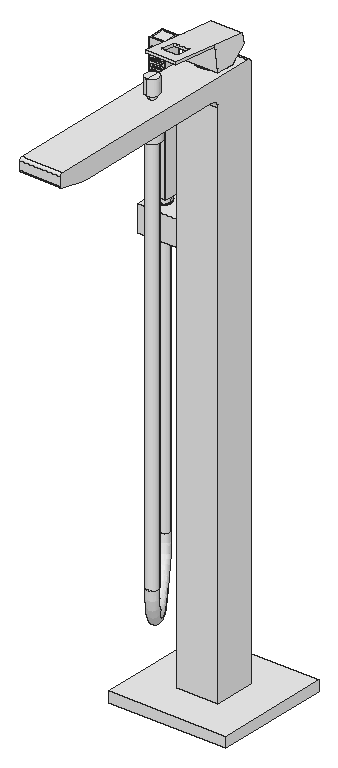
Revit family "Bath_Mixer-GROHE-Eurocube-23672000", category Plumbing Fixtures, Revit 2014
Parameters (values of type "23672000")
  Width = 6 177/256"  # constant formula
  Waste Connection = no
  Warranty Information = "Limited Lifetime Warranty"
  WFU = 4
  Vent Connection = no
  URL = "https://www.grohe.us/"
  Tempered Water Connection Diameter = 1/2"
  Shipping Weight = 25.01 lbf
  Product Page URL = "https://www.grohe.us/en_us/grohe-eurocube-single-lever-bath-mixer-1-2-floor-mounted-23672000.html"
  Price = "Prices may vary. Please consult Manufacturer Representative for most up-to-date price list."  # constant formula
  Model = "23672000"
  Material = "Metal-Grohe-000-Chrome"
  Manufacturer = "GROHE"
  Length = 11 187/256"
  Installation Type = "Floor Mounted"
  Hot Water Connection Diameter = 1/2"
  Height = 34 175/256"
  HWFU = 3
  HW Connection = yes
  Flow Rate = "2.5 gpm (9.5 L/min)"
  Finish = Metal-Grohe-000-Chrome
  Description = "Eurocube Single-lever bath mixer 1/2\", floor mounted"
  Default Elevation = 0"
  Creation Date = "07/26/2017"  # constant formula
  Cold Water Connection Diameter = 1/2"
  CWFU = 3
  CW Connection = yes
  Assembly Code = "D2020300"
Reference planes (in)
  plane 1 "Center (Front/Back)": y = 0
  plane 2: z = 0
  plane 3 "Center (Left/Right)": x = 0
  plane 4: z = 33.9375
  plane 5: z = 39.25
  plane 6: x = -3.34646
  plane 7: x = 3.34646
  plane 8: y = -3.34646
  plane 9: y = 3.34646
  plane 10: z = 0.59055
  plane 11: x = -1.17187
  plane 12: x = 1.17188
  plane 13: x = -1.04904
  plane 14: x = 1.04904
Forms (in)
  Extrusion 1, solid, material "Metal-Grohe-000-Chrome" <- "Finish"
    sketch origin (0, 0, 0) x (1, 0, 0) y (0, 1, 0)
      loop
        line (-3.34646, 3.34646) -> (-3.34646, -3.34646) -> (3.34646, -3.34646) -> (3.34646, 3.34646) -> (-3.34646, 3.34646)
    from 0 to 0.59055
  Extrusion 2, solid, material "Metal-Grohe-000-Chrome" <- "Finish"
    sketch origin (0, 0, 0) x (0, 1, 0) y (0, 0, 1)
      loop
        line (0.96715, 32.88154) -> (-12.32413, 32.88154)
        arc (-12.32413, 32.88154) -> (-12.42459, 32.83993) -> (-12.4662, 32.73948) r 0.14206
        line (-12.4662, 32.73948) -> (-12.4662, 32.23184)
        arc (-12.4662, 32.23184) -> (-12.43859, 32.15389) -> (-12.36809, 32.11069) r 0.12386
        line (-12.36809, 32.11069) -> (-10.99784, 31.81943)
        arc (-10.99784, 31.81943) -> (-10.75307, 31.78067) -> (-10.5056, 31.7677) r 2.36757
        line (-10.5056, 31.7677) -> (-1.59831, 31.7677)
        arc (-1.59831, 31.7677) -> (-1.29894, 31.64369) -> (-1.17494, 31.34432) r 0.42337
        line (-1.17494, 31.34432) -> (-1.17494, 0.34055) -> (1.17494, 0.34055) -> (1.17494, 32.67376)
        arc (1.17494, 32.67376) -> (1.11408, 32.82068) -> (0.96715, 32.88154) r 0.20778
    from -1.17188 to 1.17188
  Extrusion 3, solid, material "Metal-Grohe-000-Chrome" <- "Finish"
    sketch origin (0, 0, 0) x (1, 0, 0) y (0, 1, 0)
      loop
        line (0, -0.94048) -> (0, 1.03258) -> (-3.61753, 1.03258) -> (-3.61753, 0.30006) -> (-3.28756, 0.30006)
        arc (-3.28756, 0.30006) -> (-2.41856, 0) -> (-3.28756, -0.30006) r 0.4863
        line (-3.28756, -0.30006) -> (-3.61753, -0.30006) -> (-3.61753, -0.94048) -> (0, -0.94048)
    from 23.11731 to 24.59756
  Revolve 4, solid, material "Metal-Grohe-000-Chrome" <- "Finish"
    sketch origin (0, 0, 0) x (0, 1, 0) y (0, 0, 1)
      loop
        line (-4.42623, 33.99146) -> (-4.80123, 33.99146) -> (-4.80123, 33.13967) -> (-4.61, 33.13967) -> (-4.61, 32.13967) -> (-4.95753, 32.13967) -> (-4.95753, 30.76148) -> (-4.42623, 30.76148) -> (-4.42623, 33.99146)
      axis (-4.42623, 30.76148) -> (-4.42623, 33.99146)
    angle from 0 to 360
  Extrusion 5, solid, material "Metal-Grohe-000-Chrome" <- "Finish"
    sketch origin (-2.87402, 0, 24.59756) x (1, 0, 0) y (0, 1, 0)
      loop
        line (0.45239, 0.47243) -> (-0.45239, 0.47243)
        arc (-0.45239, 0.47243) -> (-0.46657, 0.46656) -> (-0.47244, 0.45239) r 0.02004
        line (-0.47244, 0.45239) -> (-0.47244, -0.45239)
        arc (-0.47244, -0.45239) -> (-0.46657, -0.46656) -> (-0.45239, -0.47243) r 0.02004
        line (-0.45239, -0.47243) -> (0.45239, -0.47244)
        arc (0.45239, -0.47244) -> (0.46657, -0.46656) -> (0.47244, -0.45239) r 0.02004
        line (0.47244, -0.45239) -> (0.47244, 0.45239)
        arc (0.47244, 0.45239) -> (0.46657, 0.46656) -> (0.45239, 0.47243) r 0.02004
    from 0.39371 to 8.50391
  Revolve 6, solid, material "Metal-Grohe-000-Chrome" <- "Finish"
    sketch origin (-2.87402, 0, 24.59756) x (1, 0, 0) y (0, 0, 1)
      loop
        line (-0.4125, 0.31496) -> (-0.4125, 0.09754) -> (-0.3622, 0.04724) -> (-0.3622, 0) -> (0, 0) -> (0, 0.48079) -> (-0.30511, 0.48079)
        arc (-0.30511, 0.48079) -> (-0.32099, 0.39351) -> (-0.3622, 0.31496) r 0.2937
        line (-0.3622, 0.31496) -> (-0.4125, 0.31496)
      axis (0, 0.48079) -> (0, 0)
    angle from 0 to 360
  Extrusion 7, solid, material "Metal-Grohe-000-Chrome" <- "Finish"
    sketch origin (-2.87402, 0, 24.59756) x (1, 0, 0) y (0, 0, 1)
      loop
        circle (-0.26772, 8.02166) r 0.06317
      loop
        circle (-0.08858, 8.02166) r 0.06317
      loop
        circle (-0.26772, 7.72639) r 0.06317
      loop
        circle (-0.08858, 7.72639) r 0.06317
      loop
        circle (-0.26772, 7.4311) r 0.06317
      loop
        circle (-0.08858, 7.4311) r 0.06317
      loop
        circle (-0.26772, 7.13584) r 0.06317
      loop
        circle (-0.08858, 7.13584) r 0.06317
      loop
        circle (-0.26772, 6.84056) r 0.06317
      loop
        circle (-0.08858, 6.84056) r 0.06317
      loop
        circle (-0.26772, 6.54529) r 0.06317
      loop
        circle (-0.08858, 6.54529) r 0.06317
      loop
        circle (-0.26772, 6.25) r 0.06317
      loop
        circle (-0.08858, 6.25) r 0.06317
      loop
        circle (-0.26772, 5.95472) r 0.06317
      loop
        circle (-0.08858, 5.95472) r 0.06317
      loop
        circle (0.26772, 8.02166) r 0.06317
      loop
        circle (0.08858, 8.02166) r 0.06317
      loop
        circle (0.26772, 7.72639) r 0.06317
      loop
        circle (0.08858, 7.72639) r 0.06317
      loop
        circle (0.26772, 7.4311) r 0.06317
      loop
        circle (0.08858, 7.4311) r 0.06317
      loop
        circle (0.26772, 7.13584) r 0.06317
      loop
        circle (0.08858, 7.13584) r 0.06317
      loop
        circle (0.26772, 6.84056) r 0.06317
      loop
        circle (0.08858, 6.84056) r 0.06317
      loop
        circle (0.26772, 6.54529) r 0.06317
      loop
        circle (0.08858, 6.54529) r 0.06317
      loop
        circle (0.26772, 6.25) r 0.06317
      loop
        circle (0.08858, 6.25) r 0.06317
      loop
        circle (0.26772, 5.95472) r 0.06317
      loop
        circle (0.08858, 5.95472) r 0.06317
    from 0 to 0.5315
  Extrusion 8, void
    sketch origin (-2.87402, 0, 24.59756) x (1, 0, 0) y (0, 1, 0)
      loop
        arc (-0.37417, 0.41339) -> (-0.40201, 0.40185) -> (-0.41354, 0.37402) r 0.03937
        line (-0.41354, 0.37402) -> (-0.41354, -0.37402)
        arc (-0.41354, -0.37402) -> (-0.40201, -0.40185) -> (-0.37417, -0.41339) r 0.03937
        line (-0.37417, -0.41339) -> (0.37386, -0.41339)
        arc (0.37386, -0.41339) -> (0.4017, -0.40185) -> (0.41323, -0.37402) r 0.03937
        line (0.41323, -0.37402) -> (0.41323, 0.37402)
        arc (0.41323, 0.37402) -> (0.4017, 0.40185) -> (0.37386, 0.41339) r 0.03937
        line (0.37386, 0.41339) -> (-0.37417, 0.41339)
      loop
        line (0.38198, 0.38214) -> (-0.38229, 0.38214) -> (-0.38229, -0.38214) -> (0.38198, -0.38214) -> (0.38198, 0.38214)
    from 8.44195 to 8.83994
  Sweep 9, solid, material "Metal-Grohe-000-Chrome" <- "Finish"
    path origin (-0.46356, 1.56515, 0) x (-0.544585, 0.838706, 0) y (0, 0, 1)
      loop
        line (0, 24.59756) -> (0, 7.61859)
        arc (0, 7.61859) -> (-2.65061, 4.96798) -> (-5.30123, 7.61859) r 2.65061
        line (-5.30123, 7.61859) -> (-5.30123, 30.76148)
    profile origin (-0.46356, 1.56515, 16.10808) x (0.838706, 0.544585, 0) y (-0.544585, 0.838706, 0)
      loop
        circle (-2.87402, 0) r 0.32092
  Extrusion 10, solid, material "Metal-Grohe-000-Chrome" <- "Finish"
    sketch origin (0, 0, 0) x (1, 0, 0) y (0, 1, 0)
      loop
        circle (-0.65895, 0) r 0.25
      loop
        circle (0.65895, 0) r 0.25
    from 0 to 0.0625
  Revolve 11, solid, material "Metal-Grohe-000-Chrome" <- "Finish"
    sketch origin (0, 0.00024, 30.67349) x (0, 1, 0) y (0, 0, 1)
      loop
        line (0, 2.95747) -> (0, 2.03618) -> (0.95677, 2.03618) -> (0.95677, 2.23923)
        arc (0.95677, 2.23923) -> (0.59818, 2.75793) -> (0, 2.95747) r 0.99638
      axis (0, 2.95747) -> (0, 2.03618)
    angle from 0 to 360
  Blend 12, solid, material "Metal-Grohe-000-Chrome" <- "Finish"
    base sketch origin (-13.625, 0.00024, 30.67349) x (1, 0, 0) y (0, 1, 0)
      loop
        line (12.57596, -1.025) -> (14.67404, -1.025) -> (14.67404, 0.94198) -> (12.57596, 0.94198) -> (12.57596, -1.025)
    top sketch origin (-13.625, 0.00024, 30.67349) x (1, 0, 0) y (0, 1, 0)
      loop
        line (12.81528, -1.025) -> (14.43472, -1.025) -> (14.43472, 0.88045) -> (12.81528, 0.88045) -> (12.81528, -1.025)
    from 2.34542 to 4.29712
  Extrusion 13, void
    sketch origin (-13.625, 0.00024, 30.67349) x (0, 1, 0) y (0, 0, 1)
      loop
        line (-0.12271, 2.2927) -> (1.28125, 2.2927) -> (1.28125, 3.20444) -> (-0.12271, 2.2927)
    from 12.34533 to 14.85402
  Extrusion 14, solid, material "Metal-Grohe-000-Chrome" <- "Finish"
    sketch origin (-13.625, -0.50519, 30.25576) x (1, 0, 0) y (0, 0.993138, -0.116946)
      loop
        line (12.75324, 0.88045) -> (12.75324, -3.8125) -> (14.49676, -3.8125) -> (14.49676, 0.88045) -> (12.75324, 0.88045)
      loop
        arc (13.26571, -2.23807) -> (13.18285, -2.27239) -> (13.14853, -2.35525) r 0.11718
        line (13.14853, -2.35525) -> (13.14853, -3.0843)
        arc (13.14853, -3.0843) -> (13.18285, -3.16717) -> (13.26572, -3.20149) r 0.11719
        line (13.26572, -3.20149) -> (13.98428, -3.20149)
        arc (13.98428, -3.20149) -> (14.06715, -3.16717) -> (14.10147, -3.0843) r 0.11719
        line (14.10147, -3.0843) -> (14.10147, -2.35525)
        arc (14.10147, -2.35525) -> (14.06715, -2.27239) -> (13.98429, -2.23807) r 0.11718
        line (13.98429, -2.23807) -> (13.26571, -2.23807)
    from 3.9464 to 4.08409
  Extrusion 15, void
    sketch origin (-13.625, 0.00024, 30.67349) x (0, 1, 0) y (0, 0, 1)
      loop
        line (-1.12399, 3.76741) -> (0.999, 3.51742) -> (0.999, 4.40155) -> (-1.12399, 4.40155) -> (-1.12399, 3.76741)
    from 12.04707 to 15.53892
Cuts and joins
  Extrusion 8 cuts Extrusion 1
  Extrusion 8 cuts Extrusion 2
  Extrusion 8 cuts Extrusion 3
  Extrusion 8 cuts Extrusion 5
  Extrusion 13, Extrusion 15 cuts Blend 12
  Extrusion 15 cuts Extrusion 14
  joined: Extrusion 1, Extrusion 2, Extrusion 3, Revolve 4, Extrusion 5, Revolve 6, Extrusion 7, Sweep 9, Extrusion 10, Revolve 11, Blend 12, Extrusion 14
Lines and regions (in)
  Masking region 1
    outline origin (0, 0, 0) x (1, 0, 0) y (0, 1, 0)
      loop
        line (-3.34646, 3.34646) -> (-3.34646, 1.03258) -> (-3.61753, 1.03258) -> (-3.61753, 0.30006) -> (-3.34646, 0.30006) -> (-3.34646, -0.30006) -> (-3.61753, -0.30006) -> (-3.61753, -0.94048) -> (-3.34646, -0.94048) -> (-3.34646, -3.34646) -> (-1.17187, -3.34646) -> (-1.17187, -12.4662) -> (1.17188, -12.4662) -> (1.17188, -3.34646) -> (3.34646, -3.34646) -> (3.34646, 3.34646) -> (-3.34646, 3.34646)
  symbolic lines, detail levels medium+fine
    curve 1: line (-3.34646, -0.94048, 0) -> (-2.64599, -0.94048, 0)
    curve 2: line (-1.17187, -0.94048, 0) -> (-1.17187, -2.03215, 0)
    curve 3: line (1.17188, -3.34646, 0) -> (1.17188, 1.17494, 0)
    curve 4: line (1.17188, 1.17494, 0) -> (-1.17187, 1.17494, 0)
    curve 5: line (-1.17187, 1.17494, 0) -> (-1.17187, 1.03258, 0)
    curve 6: line (-1.17187, 1.03258, 0) -> (-3.34646, 1.03258, 0)
    curve 7: line (-2.64599, -0.94048, 0) -> (-1.17187, -3.21074, 0)
    curve 8: line (-1.17187, -2.03215, 0) -> (-1.88071, -0.94048, 0)
    curve 9: line (-1.88071, -0.94048, 0) -> (-1.17187, -0.94048, 0)
    curve 10: line (-1.17187, -3.21074, 0) -> (-1.17187, -3.34646, 0)
    curve 35: line (-0.87176, -3.83002, 0) -> (-0.87176, -1.02476, 0)
    curve 36: line (-0.87176, -1.02476, 0) -> (-1.04904, -1.02476, 0)
    curve 37: line (-1.04904, -1.02476, 0) -> (-1.04904, -0.04127, 0)
    curve 38: line (-1.04904, -0.04127, 0) -> (-0.97229, 0.92248, 0)
    curve 39: line (-0.97229, 0.92248, 0) -> (0.97229, 0.92248, 0)
    curve 40: line (1.04904, -1.02476, 0) -> (1.04904, -0.04127, 0)
    curve 41: line (1.04904, -0.04127, 0) -> (0.97229, 0.92248, 0)
    curve 42: line (0.87176, -3.83002, 0) -> (0.87176, -1.02476, 0)
    curve 43: line (1.04904, -1.02476, 0) -> (0.87176, -1.02476, 0)
    curve 44: line (-0.47647, -2.36747, 0) -> (-0.47647, -3.10682, 0)
    curve 45: arc (-0.47647, -3.10682, 0) -> (-0.44238, -3.18911, 0) -> (-0.36009, -3.2232, 0) r 0.11638
    curve 46: line (-0.36009, -3.2232, 0) -> (0.35928, -3.2232, 0)
    curve 47: arc (0.35928, -3.2232, 0) -> (0.44772, -3.18336, 0) -> (0.47647, -3.09072, 0) r 0.11807
    curve 48: line (0.47647, -3.09072, 0) -> (0.47647, -2.36666, 0)
    curve 49: arc (0.47647, -2.36666, 0) -> (0.44238, -2.28437, 0) -> (0.36009, -2.25028, 0) r 0.11638
    curve 50: line (0.36009, -2.25028, 0) -> (-0.35929, -2.25028, 0)
    curve 51: arc (-0.35929, -2.25028, 0) -> (-0.44215, -2.28461, 0) -> (-0.47647, -2.36747, 0) r 0.11718
    curve 58: line (-0.87176, -3.83002, 0) -> (0.87176, -3.83002, 0)
  symbolic lines, detail levels fine
    curve 11: line (-1.17187, -3.21074, 0) -> (-1.17187, -2.03215, 0)
    curve 12: line (-1.17187, 1.03258, 0) -> (-1.17187, -0.94048, 0)
    curve 13: line (-2.64599, -0.94048, 0) -> (-1.88071, -0.94048, 0)
    curve 14: line (-3.34646, -0.30006, 0) -> (-3.34646, -0.45286, 0)
    curve 15: line (-3.32687, -0.47244, 0) -> (-2.4223, -0.47244, 0)
    curve 16: line (-2.40158, -0.45172, 0) -> (-2.40158, 0.44844, 0)
    curve 17: line (-2.42557, 0.47243, 0) -> (-3.329, 0.47243, 0)
    curve 18: line (-3.34646, 0.30006, 0) -> (-3.34646, 0.45498, 0)
    curve 19: arc (-3.34646, 0.45498, 0) -> (-3.34134, 0.46732, 0) -> (-3.329, 0.47243, 0) r 0.01745
    curve 20: arc (-2.40158, 0.44844, 0) -> (-2.40861, 0.46541, 0) -> (-2.42557, 0.47243, 0) r 0.02399
    curve 21: arc (-3.34646, -0.45286, 0) -> (-3.34072, -0.46671, 0) -> (-3.32687, -0.47244, 0) r 0.01958
    curve 22: arc (-2.4223, -0.47244, 0) -> (-2.40765, -0.46637, 0) -> (-2.40158, -0.45172, 0) r 0.02072
    curve 23: line (-3.28756, 0.37299, 0) -> (-3.28756, -0.37403, 0)
    curve 24: line (-3.24821, -0.41339, 0) -> (-2.49869, -0.41339, 0)
    curve 25: line (-2.46079, -0.37548, 0) -> (-2.46079, 0.37405, 0)
    curve 26: line (-3.24716, 0.41339, 0) -> (-2.50013, 0.41339, 0)
    curve 27: line (-3.25631, 0.38214, 0) -> (-2.49204, 0.38214, 0)
    curve 28: line (-3.25631, -0.38214, 0) -> (-3.25631, 0.38214, 0)
    curve 29: line (-2.49204, -0.38214, 0) -> (-3.25631, -0.38214, 0)
    curve 30: line (-2.49204, 0.38214, 0) -> (-2.49204, -0.38214, 0)
    curve 31: arc (-3.24716, 0.41339, 0) -> (-3.27573, 0.40155, 0) -> (-3.28756, 0.37299, 0) r 0.0404
    curve 32: arc (-2.46079, 0.37405, 0) -> (-2.47231, 0.40186, 0) -> (-2.50013, 0.41339, 0) r 0.03934
    curve 33: arc (-3.28756, -0.37403, 0) -> (-3.27603, -0.40186, 0) -> (-3.24821, -0.41339, 0) r 0.03935
    curve 34: arc (-2.49869, -0.41339, 0) -> (-2.47189, -0.40228, 0) -> (-2.46079, -0.37548, 0) r 0.03791
    curve 52: arc (-0.47647, -2.36747, 0) -> (-0.43489, -2.2972, 0) -> (-0.35929, -2.26639, 0) r 0.12794
    curve 53: line (-0.35929, -2.26639, 0) -> (0.35929, -2.26639, 0)
    curve 54: arc (0.35929, -2.26639, 0) -> (0.44215, -2.30071, 0) -> (0.47647, -2.38357, 0) r 0.11718
    curve 55: arc (-0.47647, -3.09072, 0) -> (-0.44238, -3.17301, 0) -> (-0.36009, -3.2071, 0) r 0.11638
    curve 56: line (-0.36009, -3.2071, 0) -> (0.35928, -3.2071, 0)
    curve 57: arc (0.35928, -3.2071, 0) -> (0.44216, -3.17277, 0) -> (0.47649, -3.08989, 0) r 0.11721
    curve 59: line (-0.97229, 0.92248, 0) -> (-0.90397, 0.90492, 0)
    curve 60: line (-0.90397, 0.90492, 0) -> (-0.87176, -1.02476, 0)
    curve 61: line (-0.90397, 0.90492, 0) -> (0.90397, 0.90492, 0)
    curve 62: line (0.90397, 0.90492, 0) -> (0.97229, 0.92248, 0)
    curve 63: line (0.90397, 0.90492, 0) -> (0.87176, -1.02476, 0)
Dimensions and locks (in)
  plane 5 to level = 39 1/4"
  equal spacing: plane 6, plane 3 "Center (Left/Right)", plane 7
  plane 6 to plane 7 = 6.69291"
  equal spacing: plane 9, plane 1 "Center (Front/Back)", plane 8
  plane 8 to plane 9 = 6.69291"
  plane 10 to level = 0.59055"
  equal spacing: plane 12, plane 3 "Center (Left/Right)", plane 11
  plane 12 to plane 11 = 2 11/32"
  Extrusion 14 sketch curve to Extrusion 14 sketch curve = 0.95294"
Automatic sketch dimensions
  Extrusion 1 sketch curve to plane 6 = 0"
  Extrusion 1 sketch curve to plane 7 = 0"
  Extrusion 1 sketch curve to plane 8 = 0"
  plane 9 to Extrusion 1 sketch curve = 0"
  Extrusion 2 sketch curve to plane 4 = 1.19802"
  Extrusion 2 sketch curve to plane 8 = 9.11974"
  Extrusion 2 sketch curve to plane 4 = 1.82681"
  Extrusion 2 sketch curve to Extrusion 2 sketch curve = 0.09811"
  Extrusion 2 sketch curve to Extrusion 2 sketch curve = 0.12386"
  Extrusion 2 sketch curve to Extrusion 2 sketch curve = 0.14206"
  Extrusion 2 sketch curve to plane 4 = 2.11807"
  Extrusion 2 sketch curve to Extrusion 2 sketch curve = 1.37025"
  Extrusion 2 sketch curve to Extrusion 2 sketch curve = 0.49225"
  plane 1 "Center (Front/Back)" to Extrusion 2 sketch curve = 1.59831"
  Extrusion 2 sketch curve to Extrusion 2 sketch curve = 0.42337"
  Extrusion 2 sketch curve to plane 1 "Center (Front/Back)" = 0.96715"
  Extrusion 2 sketch curve to plane 10 = 1/4"
  Extrusion 2 sketch curve to plane 1 "Center (Front/Back)" = 1.17494"
  Extrusion 2 sketch curve to Extrusion 2 sketch curve = 1.32943"
  Revolve 4 sketch curve to plane 8 = 1.61108"
  plane 4 to Revolve 4 sketch curve = 0.05396"
  Revolve 4 sketch curve to plane 8 = 1.45477"
  Revolve 4 sketch curve to Revolve 4 sketch curve = 0.34753"
  Revolve 4 sketch curve to Revolve 4 sketch curve = 0.5313"
  Revolve 4 sketch curve to plane 4 = 0.79783"
  Revolve 4 sketch curve to Revolve 4 sketch curve = 1"
  Revolve 4 sketch curve to Revolve 4 sketch curve = 1.3782"
  Revolve 4 sketch curve to Revolve 4 sketch curve = 0"
  Revolve 4 sketch curve to plane 4 = 0.25268"
  Revolve 4 sketch curve to Revolve 4 sketch curve = 0.26576"
  Extrusion 5 sketch curve to plane 6 = 0"
  Extrusion 5 sketch curve to Extrusion 5 sketch curve = 0.02004"  (x2)
  plane 6 to Extrusion 5 sketch curve = 0.02004"
  Extrusion 5 sketch curve to Extrusion 5 sketch curve = 0.90479"
  plane 1 "Center (Front/Back)" to Extrusion 5 sketch curve = 0.45239"  (x2)
  Extrusion 5 sketch curve to Extrusion 5 sketch curve = 0"  (x4)
  Extrusion 5 sketch curve to plane 1 "Center (Front/Back)" = 0.45239"
  Revolve 6 sketch curve to plane 6 = 0.12625"
  plane 6 to Revolve 6 sketch curve = 0.05994"
  Revolve 6 sketch curve to Revolve 6 sketch curve = 0.0503"  (x3)
  plane 6 to Revolve 6 sketch curve = 0.16733"
  Revolve 6 sketch curve to Revolve 6 sketch curve = 0.3622"
  Revolve 6 sketch curve to plane 4 = 9.33994"
  Revolve 6 sketch curve to Revolve 6 sketch curve = 0.04724"
  Revolve 6 sketch curve to Revolve 6 sketch curve = 0.21742"
  Revolve 6 sketch curve to Revolve 6 sketch curve = 0.16583"
  plane 6 to Revolve 6 sketch curve = 0.47244"
  Revolve 6 sketch curve to Revolve 6 sketch curve = 0.41392"
  Revolve 6 sketch curve to Revolve 6 sketch curve = 0.06636"
  plane 6 to Extrusion 7 sketch curve = 0.20472"  (x8)
  Extrusion 7 sketch curve to Extrusion 7 sketch curve = 0.17913"  (x16)
  Extrusion 7 sketch curve to Extrusion 7 sketch curve = 0.17717"  (x8)
  Extrusion 7 sketch curve to plane 4 = 3.38521"
  Extrusion 7 sketch curve to Extrusion 7 sketch curve = 0"  (x22)
  Extrusion 7 sketch curve to Extrusion 7 sketch curve = 0.29528"  (x4)
  Extrusion 7 sketch curve to Extrusion 7 sketch curve = 0.29529"  (x3)
  Extrusion 7 sketch curve to Extrusion 7 sketch curve = 0.29527"  (x2)
  plane 6 to Extrusion 8 sketch curve = 0.0589"
  Extrusion 8 sketch curve to Extrusion 8 sketch curve = 1/32"  (x2)
  Extrusion 8 sketch curve to Extrusion 8 sketch curve = 0.00812"  (x5)
  plane 1 "Center (Front/Back)" to Extrusion 8 sketch curve = 0.37402"
  Extrusion 8 sketch curve to Extrusion 8 sketch curve = 0.74803"
  Extrusion 8 sketch curve to plane 1 "Center (Front/Back)" = 0.37402"
  Extrusion 8 sketch curve to Extrusion 8 sketch curve = 0"
  plane 1 "Center (Front/Back)" to Extrusion 3 sketch curve = 0"
  Extrusion 3 sketch curve to plane 3 "Center (Left/Right)" = 0"
  plane 6 to Extrusion 3 sketch curve = 0.44159"
  Extrusion 3 sketch curve to plane 6 = 0.27107"  (x2)
  plane 1 "Center (Front/Back)" to Extrusion 3 sketch curve = 0.94048"
  Extrusion 3 sketch curve to plane 1 "Center (Front/Back)" = 0.30006"
  Extrusion 3 sketch curve to plane 1 "Center (Front/Back)" = 1.03258"
  plane 6 to Extrusion 3 sketch curve = 0.0589"  (x2)
  plane 10 to Sweep 9 sketch curve = 7.02804"
  Sweep 9 sketch curve to Sweep 9 sketch curve = 2.65061"
  Sweep 9 sketch curve to plane 4 = 9.33994"
  Sweep 9 sketch curve to plane 4 = 3.17602"
  profile plane to Sweep 9 sketch curve = 0"
  Sweep 9 sketch curve to profile plane = 2.87402"
  plane 1 "Center (Front/Back)" to Extrusion 10 sketch curve = 0"  (x2)
  plane 11 to Extrusion 10 sketch curve = 0.51293"
  plane 12 to Extrusion 10 sketch curve = 0.51293"
  Masking region 1 sketch curve to plane 6 = 0"  (x3)
  Masking region 1 sketch curve to plane 11 = 0"
  Masking region 1 sketch curve to plane 12 = 0"
  Masking region 1 sketch curve to plane 7 = 0"
  plane 9 to Masking region 1 sketch curve = 0"
  Masking region 1 sketch curve to plane 6 = 0.27107"  (x2)
  Masking region 1 sketch curve to Masking region 1 sketch curve = 9.11974"
  Masking region 1 sketch curve to plane 1 "Center (Front/Back)" = 0.30006"
  Masking region 1 sketch curve to Masking region 1 sketch curve = 0.73253"
  plane 1 "Center (Front/Back)" to Masking region 1 sketch curve = 0.30006"
  Masking region 1 sketch curve to Masking region 1 sketch curve = 0.64043"
  Masking region 1 sketch curve to plane 8 = 0"  (x2)
  Revolve 11 sketch curve to plane 1 "Center (Front/Back)" = 0.00024"  (x2)
  Revolve 11 sketch curve to plane 1 "Center (Front/Back)" = 0.95701"
  plane 10 to Revolve 11 sketch curve = 32.04403"
  Revolve 11 sketch curve to Revolve 11 sketch curve = 0.07509"
  Revolve 11 sketch curve to Revolve 11 sketch curve = 0.20306"
  Revolve 11 sketch curve to Revolve 11 sketch curve = 0.3433"
  Revolve 11 sketch curve to Revolve 11 sketch curve = 0.10726"
  Blend 12 sketch curve to plane 13 = 0"
  Blend 12 sketch curve to plane 14 = 0"
  plane 1 "Center (Front/Back)" to Blend 12 sketch curve = 1.02476"  (x2)
  Blend 12 sketch curve to plane 1 "Center (Front/Back)" = 0.94222"
  plane 11 to Blend 12 sketch curve = 0.36215"
  plane 12 to Blend 12 sketch curve = 0.36215"
  Blend 12 sketch curve to plane 1 "Center (Front/Back)" = 0.88069"
  plane 1 "Center (Front/Back)" to Extrusion 13 sketch curve = 0.12247"
  Extrusion 13 sketch curve to plane 1 "Center (Front/Back)" = 1.28149"
  plane 10 to Extrusion 13 sketch curve = 32.37564"
  Extrusion 13 sketch curve to Extrusion 13 sketch curve = 0.91174"
  plane 11 to Extrusion 14 sketch curve = 0.30011"
  Extrusion 14 sketch curve to plane 3 "Center (Left/Right)" = 0.47647"
  Extrusion 14 sketch curve to Extrusion 14 sketch curve = 15/128"  (x3)
  plane 3 "Center (Left/Right)" to Extrusion 14 sketch curve = 0.35928"
  plane 3 "Center (Left/Right)" to Extrusion 14 sketch curve = 0.35929"
  plane 12 to Extrusion 14 sketch curve = 0.30011"
  Extrusion 14 sketch curve to Extrusion 14 sketch curve = 0.61101"
  Extrusion 14 sketch curve to Extrusion 14 sketch curve = 0.72906"
  Extrusion 14 sketch curve to Extrusion 14 sketch curve = 3.11851"
  plane 1 "Center (Front/Back)" to Extrusion 15 sketch curve = 1.12375"
  Extrusion 15 sketch curve to plane 1 "Center (Front/Back)" = 0.99924"
  plane 10 to Extrusion 15 sketch curve = 33.60036"
  Extrusion 15 sketch curve to Extrusion 15 sketch curve = 1/4"
  Extrusion 15 sketch curve to Extrusion 15 sketch curve = 0.88413"
  curve 1 to plane 6 = 0"
  curve 14 to plane 6 = 0"
  curve 18 to plane 6 = 0"
  curve 6 to plane 6 = 0"
  curve 11 to plane 11 = 0"
  curve 4 to plane 12 = 0"
  curve 10 to plane 8 = 0"
  curve 3 to plane 8 = 0"
  plane 6 to curve 17 = 0.01745"
  curve 14 to curve 21 = 0.01958"
  plane 6 to curve 23 = 0.0589"
  curve 33 to curve 28 = 1/32"
  curve 28 to curve 33 = 0.0081"
  curve 27 to curve 31 = 0.00915"
  curve 1 to curve 13 = 0.70047"
  curve 26 to curve 26 = 0.74703"
  curve 1 to curve 34 = 0.1473"
  curve 34 to curve 29 = 0.00666"
  curve 27 to curve 25 = 1/32"
  curve 26 to curve 17 = 0.07455"
  curve 24 to curve 15 = 0.07639"
  curve 22 to curve 16 = 0.02072"
  curve 8 to plane 11 = 0.70884"
  plane 11 to curve 37 = 0.12284"
  plane 11 to curve 38 = 0.19958"
  curve 38 to curve 59 = 0.06833"
  plane 11 to curve 35 = 0.30011"
  plane 8 to curve 44 = 0.23964"
  curve 44 to plane 3 "Center (Left/Right)" = 0.47647"
  curve 44 to curve 56 = 0.11638"
  curve 45 to curve 55 = 0"
  curve 51 to curve 51 = 15/128"
  curve 53 to curve 50 = 0"
  curve 51 to curve 52 = 0.00796"
  plane 3 "Center (Left/Right)" to curve 57 = 0.35928"
  curve 46 to curve 56 = 0"
  plane 3 "Center (Left/Right)" to curve 53 = 0.35929"
  curve 54 to curve 49 = 0.0008"
  curve 49 to curve 48 = 0.11638"
  plane 12 to curve 42 = 0.30011"
  plane 12 to curve 61 = 0.26791"
  curve 61 to curve 39 = 0.06833"
  plane 1 "Center (Front/Back)" to curve 40 = 0.04127"
  plane 12 to curve 40 = 0.12284"
  curve 58 to plane 8 = 0.48356"
  plane 8 to curve 10 = 0.13572"
  curve 46 to curve 56 = 0.0161"
  curve 56 to curve 47 = 0.10197"
  curve 47 to curve 57 = 0.01524"
  curve 55 to curve 52 = 0.69664"
  curve 57 to curve 54 = 0.70632"
  curve 44 to curve 8 = 0.33532"
  plane 1 "Center (Front/Back)" to curve 36 = 1.02476"
  curve 40 to curve 40 = 0.98349"
  curve 36 to curve 2 = 0.08428"
  curve 1 to curve 15 = 0.46804"
  curve 21 to curve 24 = 0.03947"
  curve 29 to curve 33 = 0.0081"
  plane 1 "Center (Front/Back)" to curve 38 = 0.04127"
  curve 31 to plane 1 "Center (Front/Back)" = 0.37299"
  curve 32 to curve 27 = 0.00809"
  curve 25 to curve 16 = 0.07439"
  curve 61 to plane 1 "Center (Front/Back)" = 0.90492"
  curve 59 to curve 38 = 0.01757"
  curve 38 to curve 6 = 0.1101"
  curve 5 to curve 5 = 0.14235"
  curve 23 to curve 14 = 0.07398"
  curve 18 to curve 23 = 0.07293"
  radius of Extrusion 7 sketch curve = 0.06317"  (x32)
  radius of Sweep 9 sketch curve = 0.32092"
  radius of Extrusion 10 sketch curve = 1/4"  (x2)
Connectors (in)
  piping at (-0.65895, 0, 0), diameter 0.5, driven by "Hot Water Connection Diameter", driven by "HWFU"
    settings: on Extrusion 10, index 1, connector inside diameter 24", connector length 0", flow factor 0, pipe flow 0 GPM, pressure drop 0.00 psi, fitting loss kfactor 0, connector angle 0.00°, fixture units 3, engagement length 0", angle of deflection 0.00°, flow configuration 3, flow direction 1, fitting loss method 0, system type 19, joint type 0, gender type 0, connector reference index -1, connector utility 0, adjustable connector no, is connector primary yes, connector description "1/2\" NPT HW Inlet"
  piping at (0.65895, 0, 0), diameter 0.5, driven by "Cold Water Connection Diameter", driven by "CWFU"
    settings: on Extrusion 10, index 2, connector inside diameter 24", connector length 0", flow factor 0, pipe flow 0 GPM, pressure drop 0.00 psi, fitting loss kfactor 0, connector angle 0.00°, fixture units 3, engagement length 0", angle of deflection 0.00°, flow configuration 3, flow direction 1, fitting loss method 0, system type 20, joint type 0, gender type 0, connector reference index -1, connector utility 0, adjustable connector no, is connector primary no, connector description "1/2 NPT CW Inlet"
